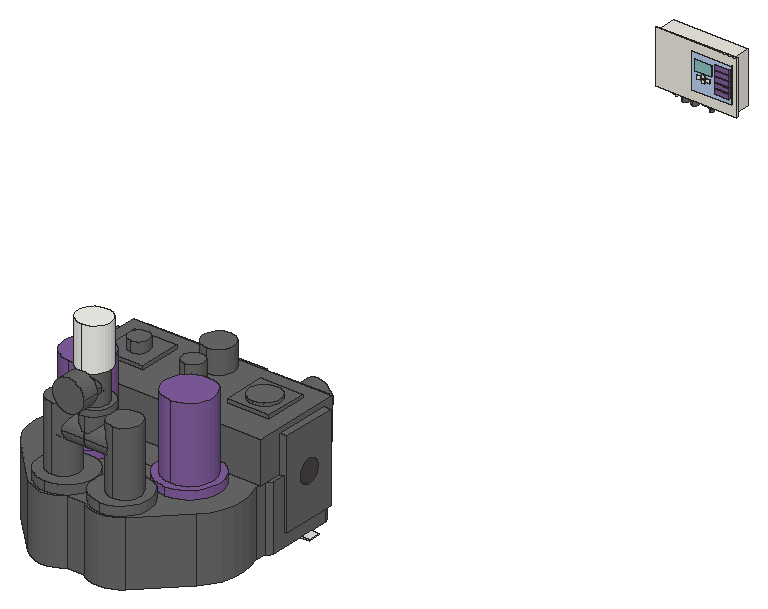
Revit family "11608", category Generic Models, Revit 2021
Family settings
  Can host rebar = No
  Round Connector Dimension = Use Diameter
  Part Type = Normal
  Work Plane-Based = No
  Always vertical = Yes
  Cut with Voids When Loaded = No
  Shared = Yes
  Room Calculation Point = No
Parameters (values of type "11608")
  SUPPLIER = "KESSEL"
  SA700ID50 = "nein"
  SA700ID49 = "Protection Class I"
  SA700ID48 = "no"
  SA700ID47 = "no"
  SA700ID46 = "yes"
  SA700ID37 = 7000 mm
  SA700ID34 = 38
  SA700ID33 = 1.6 W
  SA700ID32 = 67.99 kg
  SA700ID31 = 1
  SA700ID30 = 2
  SA700ID29 = "RWDR"
  SA700ID21 = 700
  SA700ID10 = "No"
  SA700ID08 = 230 V
  PROCUREWEBLINK = "https://p.caden.as/kessel/11608"
  PROCURELINK = "p.caden.as/kessel/11608"
  PROCUREDATALASTUPDATE = "2024-05-22T12:17:38.766808113+01:00"
  PRC_SPECIFICATIONLINK = "https://ausschreiben.de/catalog/kessel/catalogItem/a4b6024f-2839-4dca-a8c5-b62e4bbff1fb"
  NN = "Lifting station Aqualift F"
  NBSYN = "$SA810ID03."
  NB = "11608"
  Model = "11608"
  Manufacturer = "KESSEL"
  MIdent = "{$CADENAS_DATA/23d-libs/kessel/kessel_vdi_import/4/entwaesserung/hebeanlage20aqualift20f.prj},198 {STYP=ASS},{VTYP=3D},{NB=11608},{LINA=11608},{NN=Lifting station Aqualift F},{DATE=21.11.2022 10:45:45},{GEOMDATE=21.11.2022 10:45:45},{VERSION=},{LINEID=180},{WBVAR=LODLEVEL},{WBNUMERIC=LODLEVEL}  {NB=11608},{LINA=11608},{KT=DUMMY},{PREVIEW=../../bilder/ksb_w_11608.png},{SA700ID04=Hebeanlage Aqualift F Duo, Comfort, SPF 1400-S1, Schieber},{SA810ID06=04026092071069},{SA700ID34=38.00},{SA010ID03=201805},{SA810ID03=11608},{SA810ID10=Die Hebeanlage für fäkalienhaltiges und fäkalienfreies Abwasser ist mit zwei überflutbaren Pumpen sowie einem Rückflussverhinderer ausgestattet. Der Sammelbehälter aus dauerhaft beständigem Kunststoff (PE) bietet universale Anschlussmöglichkeiten und hat eine verschraubte Reinigungsöffnung.Die Steuerung erfolgt durch ein anwenderfreundliches Schaltgerät, das optional über einen potentialfreien Kontakt in die Gebäudeleittechnik eingebunden werden oder Alarm- und Sammelstörmeldungen über eine GSM-Schnittstelle (Comfort Schaltgerät) ausgeben kann.Ausführung:Absperreinrichtung: Schieber aus KunststoffAnlagenart: DoppelanlagePumpensteuerung: SchaltgerätRückflussverhinderer: integriertSchalldämmmatte: jaEinbausituation: freie AufstellungAbwasserart: fäkalienhaltigAllgemeine Merkmale:Farbe: schwarzNorm: EN 12050-1Abmessungen:Länge: 773 mmBreite: 780 mmHöhe: 788 mmBehälter/Grundkörper:Zulauf Anzahl: 2 STZulauf Nennweite (DN): 100 mmZulauf Nennweite (DA): 110 mmZulauf max. Anbohrung (DN): 150 mmAbstand Rohrsohle Zulauf zu Behälterboden: 245 mmAbstand Rohrmitte Auslauf zu Behälterboden: 590 mmAbstand Rohrmitte Zulauf zu Behälterboden: 300 mmAnschluss für Handmembranpumpe (DN): 32Behältervolumen: 120 lDruckabgang: waagerechtDruckabgang (DA): 110 mmDruckabgang (DN): 100 mmEntlüftungsanschluss (DN): 70 mmNutzvolumen: 50 lFreier Kugeldurchgang: 40 mmFördereinrichtung:Pumpe: SPF 1400Anzahl Pumpen: 2Förderhöhe max.: 7 mFörderleistung max.: 38 m3/hBetriebsart: S1Leistung P1: 1,6 kWLeistung P2: 1,1 kWDrehzahl: 1.420 U/minFörderguttemperatur (dauerhaft) max.: 40 °CAnschlusstyp: codierter SteckerGewicht: 28 kgLaufrad Typ: FreistromradLänge Netzanschlussleitung Pumpe: 5 mNennstrom: 7,3 ASchutzart Pumpe: IP 68 (3m/48h)Schutzklasse: ITyp Anschlussleitung Pumpe: H07RN-F 3G 1,0 mm2Temperaturüberwachung: integriertSteuerung:Schaltgerät: ComfortBetriebsspannung: 230 VNetzfrequenz: 50 HzSelbstdiagnosesystem (SDS): jaBatteriepufferung: jaMehrzeilige Displayanzeige: jaLogbuchfunktion: jaUSB-Schnittstelle: jaGSM-Schnittstelle: jaPotentialfreier Kontakt: optionalErforderliche Absicherung (Leitungsschutz): C 16 ASchutzart Schaltgerät: IP 54Länge Netzanschlussleitung Schaltgerät: 1,4 mArt Niveauerfassung: pneumatischInstrument Niveauerfassung: Tauchrohr mit DruckwächterAlarmgeber: Tauchrohr},{SA700ID37=7.00},{SA700ID33=1.60},{SA700ID08=230},{SA700ID30=2},{SA700ID32=67.99},{SA700ID49=Schutzklasse I},{SA700ID50=nein},{SA200ID03=6},{SA250ID03=vertikal},{SA260ID03=Trockenläuferpumpe},{SA350ID03=normalansaugend},{SA400ID03=E-Motor für Wechselstrom},{SA460ID03=direkt},{SA500ID03=Kunststoff, Edelstahl},{SA700ID06=100},{SA700ID07=100},{SA700ID09=1/N/PE 230V},{SA700ID10=Nein},{SA700ID11=50},{SA700ID12=IP 68},{SA700ID13=F},{SA700ID15=40},{SA700ID21=700.00},{SA700ID22=1.10},{SA700ID23=1420},{SA700ID24=1420},{SA700ID26=7.30},{SA700ID27=23.00},{SA700ID28=durchgehend},{SA700ID29=RWDR},{SA700ID31=1},{SA700ID46=ja},{SA700ID47=nein},{SA700ID48=nein},{SA110ID04=Hebeanlage Aqualift F},{SA300ID03=einstufig},{SA700ID44=10.00},{SA700ID45=10.00},{SA010ID04=KESSEL AG},{LODLEVEL=200},{LINK=https://www.kessel.de/info?han=11608},{SA970ID01=970},{SA970ID02=7039},{SA970ID03=11608},{SA970ID04=11002617},{SA970ID05=QUAD},{SA970ID06=-409.9898987},{SA970ID07=-686},{SA970ID08=0},{SA970ID09=1},{SA970ID10=0},{SA970ID11=0},{SA970ID12=0},{SA970ID13=1},{SA970ID14=0},{SA970ID15=819.98999},{SA970ID16=851},{SA970ID17=798.98999},{LODLEVEL_=200,'Low'},{LODLEVEL_DEU=200,'Low'},{LINK_=https://www.kessel.de/info?han=11608},{LINK_DEU=https://www.kessel.de/info?han=11608},{LODLEVEL_3DB=11608_200},{DNIN1=100},{DNIN2=70},{DNIN3=10},{DNIN4=10},{DNIN5=10},{DNIN6=50},{DNIN7=50},{DNIN8=50},{DNIN9=50},{DNOUT1=100},{DNOUT2=70},{DNOUT3=32},{ISDIN1=75},{ISDIN2=83.200},{ISDIN3=10},{ISDOUT1=60.000},{ISDOUT2=73.200},{ISDOUT3=75},{SA010ID01=010},{SA010ID02=4},{SA010ID06=www.kessel.de},{SA010ID07=www.kessel.de},{SA010ID12=20180713},{SA010ID13=DEU},{SA010ID14=DE},{SA100ID01=100},{SA100ID02=4},{SA100ID04=Entwässerung},{SA110ID01=110},{SA110ID02=4},{SA200ID01=200},{SA200ID02=6},{SA250ID01=250},{SA250ID02=2},{SA260ID01=260},{SA260ID02=2},{SA300ID01=300},{SA300ID02=1},{SA350ID01=350},{SA350ID02=1},{SA400ID01=400},{SA400ID02=1},{SA460ID01=460},{SA460ID02=1},{SA500ID01=500},{SA500ID02=1},{SA700ID01=700},{SA700ID02=9},{SA700ID10_=0},{SA700ID16=0},{SA700ID25=0},{SA700ID46_=1},{SA700ID47_=0},{SA700ID48_=0},{SA700ID49_=1},{SA700ID50_=0},{SA800ID01=800},{SA800ID02=9},{SA810ID01=810},{SA810ID02=9},{SA810ID04=11608},{SA810ID07=9},{SA810ID09=1},{SA810ID14=PCE},{SA810ID15=1},{SA810ID16=NMP},{SA960ID03=9},{SA960ID04=3L},{SA960ID08=https://www.kessel.de/info?han=11608},{SA010ID08=4026092000007},{SA100ID05=Hebeanlage},{SA110ID06=Hebeanlage}"
  LINK = "https://www.kessel.de/info?han=11608"
  LINA = "11608"
  Default Elevation = 0 mm
  CREATOR = "CADENAS GmbH"
  CATALOG = "KESSEL"
  BOMINFO = "LINA"
  ARTICLENO = "NB"
  4.810.00.9 Order quantity (multiplicator) = "1"
  4.810.00.7 Media- connection number = "9"
  4.810.00.6 GTIN number = "04026092071069"
  4.810.00.4 DATANORM number = "11608"
  4.810.00.3 Producer order number = "11608"
  4.710.03.7 Mass (net) = 67.99 kg
  4.710.03.6 Height = 788 mm
  4.710.03.5 Width = 780 mm
  4.710.03.4 Length = 773 mm
  4.710.03.3 Type of dimensions = "2"
  4.710.02.8 Area of application of wastewater pump = "1"
  4.710.02.6 Duty type = "S1"
  4.710.02.5 Cutting device = "0"
  4.710.02.4 Attached pump control = "1"
  4.710.02.3 Free passage = 40 mm
  4.710.01.6 Option to connect to building automation = "40"
  4.710.01.5 Load regulation = "0"
  4.710.01.4 Designation of closed-loop control = "50"
  4.710.01.3 Identifier for closed-loop control = "120"
  4.700.00.9 Voltage = 0
  4.700.00.8 Nominal connection size on suction side = "100"
  4.700.00.7 Nominal connection size on pressure side = "100"
  4.700.00.6 Type of connection = "100"
  4.700.00.4 Product indentification = "Hebeanlage Aqualift F Duo, Comfort, SPF 1400-S1, Schieber"
  4.700.00.28 Motor pump shaft = "durchgehend"
  4.700.00.27 Starting current = 23
  4.700.00.26 Maximum power consumption per pump / drive = 7.3
  4.700.00.25 Minimum speed at internal speed adjustment = 0
  4.700.00.24 Nominal speed / maximum speed n = 23.6667
  4.700.00.23 Nominal speed of motor = 23.6667
  4.700.00.22 Maximum shaft output (P2) per pump/drive = 1.1 W
  4.700.00.16 Maximum temperature of pumped medium = 0 °C
  4.700.00.15 Increased safety class = "40 °C"
  4.700.00.13 Type of protection = "F"
  4.700.00.12 Frequency = 0
  4.700.00.11 Stern-/Dreieck-Anlaufschaltung bei Dreiphasenanschluss oder Drehstrom = "50 Hz"
  4.700.00.10 Phase = "0"
  4.500.00.3 Variant / Variant type / Accessories-name = "Kunststoff, Edelstahl"
  4.460.00.3 Variant / Variant type / Accessories-name = "direkt"
  4.400.00.3 Variant / Variant type / Accessories-name = "E-Motor für Wechselstrom"
  4.350.00.3 Variant / Variant type / Accessories-name = "normalansaugend"
  4.300.00.3 Variant / Variant type / Accessories-name = "einstufig"
  4.260.00.3 Variant / Variant type / Accessories-name = "Trockenläuferpumpe"
  4.250.00.3 Variant / Variant type / Accessories-name = "vertikal"
  4.200.00.3 Variant / Variant type / Accessories-name = "6"
  4.110.00.6 Product classification = "Hebeanlage"
  4.110.00.4 Product indentification = "Hebeanlage Aqualift F"
  4.100.00.5 Main groups of wares = "Hebeanlage"
  4.100.00.4 Product indentification = "Entwässerung"
  4.010.00.8 Producer ID number = "4026092000007"
  4.010.00.7 Comment = "www.kessel.de"
  4.010.00.6 Web address of the manufacturer = "www.kessel.de"
  4.010.00.4 Manufacturer name = "KESSEL AG"
  4.010.00.3 Date of issuance (month) of guideline = "201805"
  4.010.00.2 Sheet number of the guideline = "4"
  4.010.00.14 Kennungen der Projektländer, für die die Datei gültig ist = "DE"
  4.010.00.13 Sprache der Datei = "DEU"
  4.010.00.12 Stand des Herstellerkatalogs = "20180713"
Reference planes
  plane 1 "Center (Front/Back)": y = 0
  plane 2: z = 0
  plane 3 "Center (Left/Right)": x = 0
Dimensions and locks
  aligned and locked: level to plane 2
Nested families
  nested 1: "11608_content" at (0, 0, 0), type "11608_Content"
  nested 2: "11608_part1_X0Y0" at (1000, 1000, 1200), type "11608_PART1_X0Y0"
  nested 3: "11608_part2_X0Y0" at (0, 0, 0), type "11608_PART2_X0Y0"
Connectors
  electrical at (896, 972.5, 1160.5)
    settings: on nested 2, index 1, voltage 230 V, apparent load 0 VA, apparent load phase1 0 VA, apparent load phase2 0 VA, apparent load phase3 0 VA, power factor 1, load classification "Other", number of poles 3, system type 31, power factor state 1, is connector primary yes, connector utility no, sub classification motor no, connector description ""
  electrical at (930, 972.5, 1157.9)
    settings: on nested 2, index 2, voltage 0 V, apparent load 0 VA, apparent load phase1 0 VA, apparent load phase2 0 VA, apparent load phase3 0 VA, power factor 1, load classification "Other", number of poles 1, system type 31, power factor state 1, is connector primary no, connector utility no, sub classification motor no, connector description ""
  electrical at (964, 972.5, 1157.9)
    settings: on nested 2, index 3, voltage 0 V, apparent load 0 VA, apparent load phase1 0 VA, apparent load phase2 0 VA, apparent load phase3 0 VA, power factor 1, load classification "Other", number of poles 1, system type 31, power factor state 1, is connector primary no, connector utility no, sub classification motor no, connector description ""
  electrical at (1002, 972.5, 1170.2)
    settings: on nested 2, index 4, voltage 0 V, apparent load 0 VA, apparent load phase1 0 VA, apparent load phase2 0 VA, apparent load phase3 0 VA, power factor 1, load classification "Other", number of poles 1, system type 31, power factor state 1, is connector primary no, connector utility no, sub classification motor no, connector description ""
  electrical at (1026, 972.5, 1155.55)
    settings: on nested 2, index 5, voltage 0 V, apparent load 0 VA, apparent load phase1 0 VA, apparent load phase2 0 VA, apparent load phase3 0 VA, power factor 1, load classification "Other", number of poles 1, system type 31, power factor state 1, is connector primary no, connector utility no, sub classification motor no, connector description ""
  electrical at (1054, 972.5, 1198.5)
    settings: on nested 2, index 6, voltage 0 V, apparent load 0 VA, apparent load phase1 0 VA, apparent load phase2 0 VA, apparent load phase3 0 VA, power factor 1, load classification "Other", number of poles 1, system type 31, power factor state 1, is connector primary no, connector utility no, sub classification motor no, connector description ""
  electrical at (1082, 972.5, 1198.5)
    settings: on nested 2, index 7, voltage 0 V, apparent load 0 VA, apparent load phase1 0 VA, apparent load phase2 0 VA, apparent load phase3 0 VA, power factor 1, load classification "Other", number of poles 1, system type 31, power factor state 1, is connector primary no, connector utility no, sub classification motor no, connector description ""
  piping at (230, 164.99, 301), diameter 100
    settings: on nested 3, index 8, connector inside diameter 609.6 mm, connector length 0 mm, flow factor 0, pipe flow 0.0 L/s, pressure drop 0.0 Pa, fitting loss kfactor 0, connector angle 0.00°, fixture units 0, engagement length 0 mm, angle of deflection 0.00°, flow configuration 0, flow direction 1, fitting loss method 2, system type 29, joint type 0, gender type 0, connector reference index -1, connector utility 0, adjustable connector no, is connector primary yes, connector description ""
  piping at (0, 0, 471), diameter 100
    settings: on nested 3, index 9, connector inside diameter 609.6 mm, connector length 0 mm, flow factor 0, pipe flow 0.0 L/s, pressure drop 0.0 Pa, fitting loss kfactor 0, connector angle 0.00°, fixture units 0, engagement length 0 mm, angle of deflection 0.00°, flow configuration 0, flow direction 1, fitting loss method 2, system type 29, joint type 0, gender type 0, connector reference index -1, connector utility 0, adjustable connector no, is connector primary no, connector description ""
  piping at (391.5, -74.999, 214), diameter 70
    settings: on nested 3, index 10, connector inside diameter 609.6 mm, connector length 0 mm, flow factor 0, pipe flow 0.0 L/s, pressure drop 0.0 Pa, fitting loss kfactor 0, connector angle 0.00°, fixture units 0, engagement length 0 mm, angle of deflection 0.00°, flow configuration 0, flow direction 0, fitting loss method 2, system type 29, joint type 0, gender type 0, connector reference index -1, connector utility 0, adjustable connector no, is connector primary no, connector description ""
  piping at (0.999, 96.5, 214), diameter 70
    settings: on nested 3, index 11, connector inside diameter 609.6 mm, connector length 0 mm, flow factor 0, pipe flow 0.0 L/s, pressure drop 0.0 Pa, fitting loss kfactor 0, connector angle 0.00°, fixture units 0, engagement length 0 mm, angle of deflection 0.00°, flow configuration 0, flow direction 0, fitting loss method 2, system type 29, joint type 0, gender type 0, connector reference index -1, connector utility 0, adjustable connector no, is connector primary no, connector description ""
  piping at (-230.25, 91.49, 214), diameter 70
    settings: on nested 3, index 12, connector inside diameter 609.6 mm, connector length 0 mm, flow factor 0, pipe flow 0.0 L/s, pressure drop 0.0 Pa, fitting loss kfactor 0, connector angle 0.00°, fixture units 0, engagement length 0 mm, angle of deflection 0.00°, flow configuration 0, flow direction 0, fitting loss method 2, system type 29, joint type 0, gender type 0, connector reference index -1, connector utility 0, adjustable connector no, is connector primary no, connector description ""
  piping at (-391.5, -75, 214), diameter 70
    settings: on nested 3, index 13, connector inside diameter 609.6 mm, connector length 0 mm, flow factor 0, pipe flow 0.0 L/s, pressure drop 0.0 Pa, fitting loss kfactor 0, connector angle 0.00°, fixture units 0, engagement length 0 mm, angle of deflection 0.00°, flow configuration 0, flow direction 0, fitting loss method 2, system type 29, joint type 0, gender type 0, connector reference index -1, connector utility 0, adjustable connector no, is connector primary no, connector description ""
  piping at (0, -115, 461), diameter 70
    settings: on nested 3, index 14, connector inside diameter 609.6 mm, connector length 0 mm, flow factor 0, pipe flow 0.0 L/s, pressure drop 0.0 Pa, fitting loss kfactor 0, connector angle 0.00°, fixture units 0, engagement length 0 mm, angle of deflection 0.00°, flow configuration 0, flow direction 2, fitting loss method 2, system type 29, joint type 0, gender type 0, connector reference index -1, connector utility 0, adjustable connector no, is connector primary no, connector description ""
  piping at (0, -686, 591), diameter 100
    settings: on nested 3, index 15, connector inside diameter 609.6 mm, connector length 0 mm, flow factor 0, pipe flow 0.0 L/s, pressure drop 0.0 Pa, fitting loss kfactor 0, connector angle 0.00°, fixture units 0, engagement length 0 mm, angle of deflection 0.00°, flow configuration 0, flow direction 2, fitting loss method 2, system type 29, joint type 0, gender type 0, connector reference index -1, connector utility 0, adjustable connector no, is connector primary no, connector description ""
  piping at (230, 164.99, 81.07), diameter 32
    settings: on nested 3, index 16, connector inside diameter 609.6 mm, connector length 0 mm, flow factor 0, pipe flow 0.0 L/s, pressure drop 0.0 Pa, fitting loss kfactor 0, connector angle 0.00°, fixture units 0, engagement length 0 mm, angle of deflection 0.00°, flow configuration 0, flow direction 2, fitting loss method 2, system type 29, joint type 0, gender type 0, connector reference index -1, connector utility 0, adjustable connector no, is connector primary no, connector description ""
  electrical at (185, -365, 537)
    settings: on nested 3, index 17, voltage 0 V, apparent load 0 VA, apparent load phase1 0 VA, apparent load phase2 0 VA, apparent load phase3 0 VA, power factor 1, load classification "Other", number of poles 1, system type 31, power factor state 1, is connector primary no, connector utility no, sub classification motor no, connector description ""
  electrical at (-185, -364.75, 537)
    settings: on nested 3, index 18, voltage 0 V, apparent load 0 VA, apparent load phase1 0 VA, apparent load phase2 0 VA, apparent load phase3 0 VA, power factor 1, load classification "Other", number of poles 1, system type 31, power factor state 1, is connector primary no, connector utility no, sub classification motor no, connector description ""
  electrical at (-230.6, -74.8, 436.49)
    settings: on nested 3, index 19, voltage 0 V, apparent load 0 VA, apparent load phase1 0 VA, apparent load phase2 0 VA, apparent load phase3 0 VA, power factor 1, load classification "Other", number of poles 1, system type 31, power factor state 1, is connector primary no, connector utility no, sub classification motor no, connector description ""
Definition of nested family "11608_part1_X0Y0"
  Parameters (values of type "11608_PART1_X0Y0")
    SUPPLIER = "KESSEL"
    SA700ID50 = "nein"
    SA700ID49 = "Protection Class I"
    SA700ID48 = "no"
    SA700ID47 = "no"
    SA700ID46 = "yes"
    SA700ID37 = 7000 mm
    SA700ID34 = 38
    SA700ID33 = 1.6 W
    SA700ID32 = 67.99 kg
    SA700ID31 = 1
    SA700ID30 = 2
    SA700ID29 = "RWDR"
    SA700ID21 = 700
    SA700ID10 = "No"
    SA700ID08 = 230 V
    NBSYN = "$SA810ID03._PART1"
    NB = "11608_PART1"
    Model = "11608_PART1"
    Manufacturer = "KESSEL"
    MIdent = "{$CADENAS_DATA/23d-libs/kessel/kessel_vdi_import/4/entwaesserung/hebeanlage20aqualift20f.prj},218 {VTYP=3D},{NB=11608_PART1},{LINA=11608_PART1},{NN=Lifting station Aqualift F_PART1},{NOPRJ=TRUE},{DATE=21.11.2022 10:45:45},{GEOMDATE=21.11.2022 10:45:45},{VERSION=},{LINEID=180},{WBVAR=LODLEVEL},{WBNUMERIC=LODLEVEL}  {NB=11608_PART1},{LINA=11608_PART1},{KT=DUMMY},{PREVIEW=../../bilder/ksb_w_11608.png},{SA700ID04=Hebeanlage Aqualift F Duo, Comfort, SPF 1400-S1, Schieber},{SA810ID06=04026092071069},{SA700ID34=38.00},{SA010ID03=201805},{SA810ID03=11608},{SA810ID10=Die Hebeanlage für fäkalienhaltiges und fäkalienfreies Abwasser ist mit zwei überflutbaren Pumpen sowie einem Rückflussverhinderer ausgestattet. Der Sammelbehälter aus dauerhaft beständigem Kunststoff (PE) bietet universale Anschlussmöglichkeiten und hat eine verschraubte Reinigungsöffnung.Die Steuerung erfolgt durch ein anwenderfreundliches Schaltgerät, das optional über einen potentialfreien Kontakt in die Gebäudeleittechnik eingebunden werden oder Alarm- und Sammelstörmeldungen über eine GSM-Schnittstelle (Comfort Schaltgerät) ausgeben kann.Ausführung:Absperreinrichtung: Schieber aus KunststoffAnlagenart: DoppelanlagePumpensteuerung: SchaltgerätRückflussverhinderer: integriertSchalldämmmatte: jaEinbausituation: freie AufstellungAbwasserart: fäkalienhaltigAllgemeine Merkmale:Farbe: schwarzNorm: EN 12050-1Abmessungen:Länge: 773 mmBreite: 780 mmHöhe: 788 mmBehälter/Grundkörper:Zulauf Anzahl: 2 STZulauf Nennweite (DN): 100 mmZulauf Nennweite (DA): 110 mmZulauf max. Anbohrung (DN): 150 mmAbstand Rohrsohle Zulauf zu Behälterboden: 245 mmAbstand Rohrmitte Auslauf zu Behälterboden: 590 mmAbstand Rohrmitte Zulauf zu Behälterboden: 300 mmAnschluss für Handmembranpumpe (DN): 32Behältervolumen: 120 lDruckabgang: waagerechtDruckabgang (DA): 110 mmDruckabgang (DN): 100 mmEntlüftungsanschluss (DN): 70 mmNutzvolumen: 50 lFreier Kugeldurchgang: 40 mmFördereinrichtung:Pumpe: SPF 1400Anzahl Pumpen: 2Förderhöhe max.: 7 mFörderleistung max.: 38 m3/hBetriebsart: S1Leistung P1: 1,6 kWLeistung P2: 1,1 kWDrehzahl: 1.420 U/minFörderguttemperatur (dauerhaft) max.: 40 °CAnschlusstyp: codierter SteckerGewicht: 28 kgLaufrad Typ: FreistromradLänge Netzanschlussleitung Pumpe: 5 mNennstrom: 7,3 ASchutzart Pumpe: IP 68 (3m/48h)Schutzklasse: ITyp Anschlussleitung Pumpe: H07RN-F 3G 1,0 mm2Temperaturüberwachung: integriertSteuerung:Schaltgerät: ComfortBetriebsspannung: 230 VNetzfrequenz: 50 HzSelbstdiagnosesystem (SDS): jaBatteriepufferung: jaMehrzeilige Displayanzeige: jaLogbuchfunktion: jaUSB-Schnittstelle: jaGSM-Schnittstelle: jaPotentialfreier Kontakt: optionalErforderliche Absicherung (Leitungsschutz): C 16 ASchutzart Schaltgerät: IP 54Länge Netzanschlussleitung Schaltgerät: 1,4 mArt Niveauerfassung: pneumatischInstrument Niveauerfassung: Tauchrohr mit DruckwächterAlarmgeber: Tauchrohr},{SA700ID37=7.00},{SA700ID33=1.60},{SA700ID08=230},{SA700ID30=2},{SA700ID32=67.99},{SA700ID49=Schutzklasse I},{SA700ID50=nein},{SA200ID03=6},{SA250ID03=vertikal},{SA260ID03=Trockenläuferpumpe},{SA350ID03=normalansaugend},{SA400ID03=E-Motor für Wechselstrom},{SA460ID03=direkt},{SA500ID03=Kunststoff, Edelstahl},{SA700ID06=100},{SA700ID07=100},{SA700ID09=1/N/PE 230V},{SA700ID10=Nein},{SA700ID11=50},{SA700ID12=IP 68},{SA700ID13=F},{SA700ID15=40},{SA700ID21=700.00},{SA700ID22=1.10},{SA700ID23=1420},{SA700ID24=1420},{SA700ID26=7.30},{SA700ID27=23.00},{SA700ID28=durchgehend},{SA700ID29=RWDR},{SA700ID31=1},{SA700ID46=ja},{SA700ID47=nein},{SA700ID48=nein},{SA110ID04=Hebeanlage Aqualift F},{SA300ID03=einstufig},{SA700ID44=10.00},{SA700ID45=10.00},{SA010ID04=KESSEL AG},{LODLEVEL=200},{LINK=https://www.kessel.de/info?han=11608},{SA970ID01=970},{SA970ID02=7039},{SA970ID03=11608},{SA970ID04=11002617},{SA970ID05=QUAD},{SA970ID06=-409.9898987},{SA970ID07=-686},{SA970ID08=0},{SA970ID09=1},{SA970ID10=0},{SA970ID11=0},{SA970ID12=0},{SA970ID13=1},{SA970ID14=0},{SA970ID15=819.98999},{SA970ID16=851},{SA970ID17=798.98999},{LODLEVEL_=200,'Low'},{LODLEVEL_DEU=200,'Low'},{LINK_=https://www.kessel.de/info?han=11608},{LINK_DEU=https://www.kessel.de/info?han=11608},{LODLEVEL_3DB=11608_200},{DNIN1=100},{DNIN2=70},{DNIN3=10},{DNIN4=10},{DNIN5=10},{DNIN6=50},{DNIN7=50},{DNIN8=50},{DNIN9=50},{DNOUT1=100},{DNOUT2=70},{DNOUT3=32},{ISDIN1=75},{ISDIN2=83.200},{ISDIN3=10},{ISDOUT1=60.000},{ISDOUT2=73.200},{ISDOUT3=75},{SA010ID01=010},{SA010ID02=4},{SA010ID06=www.kessel.de},{SA010ID07=www.kessel.de},{SA010ID12=20180713},{SA010ID13=DEU},{SA010ID14=DE},{SA100ID01=100},{SA100ID02=4},{SA100ID04=Entwässerung},{SA110ID01=110},{SA110ID02=4},{SA200ID01=200},{SA200ID02=6},{SA250ID01=250},{SA250ID02=2},{SA260ID01=260},{SA260ID02=2},{SA300ID01=300},{SA300ID02=1},{SA350ID01=350},{SA350ID02=1},{SA400ID01=400},{SA400ID02=1},{SA460ID01=460},{SA460ID02=1},{SA500ID01=500},{SA500ID02=1},{SA700ID01=700},{SA700ID02=9},{SA700ID10_=0},{SA700ID16=0},{SA700ID25=0},{SA700ID46_=1},{SA700ID47_=0},{SA700ID48_=0},{SA700ID49_=1},{SA700ID50_=0},{SA800ID01=800},{SA800ID02=9},{SA810ID01=810},{SA810ID02=9},{SA810ID04=11608},{SA810ID07=9},{SA810ID09=1},{SA810ID14=PCE},{SA810ID15=1},{SA810ID16=NMP},{SA960ID03=9},{SA960ID04=3L},{SA960ID08=https://www.kessel.de/info?han=11608},{SA010ID08=4026092000007},{SA100ID05=Hebeanlage},{SA110ID06=Hebeanlage}"
    LINK = "https://www.kessel.de/info?han=11608"
    LINA = "11608_PART1"
    Default Elevation = 1219.2 mm
    CREATOR = "CADENAS GmbH"
    CATALOG = "KESSEL"
    BOMINFO = "LINA"
    ARTICLENO = "NB"
    4.810.00.9 Order quantity (multiplicator) = "1"
    4.810.00.7 Media- connection number = "9"
    4.810.00.6 GTIN number = "04026092071069"
    4.810.00.4 DATANORM number = "11608"
    4.810.00.3 Producer order number = "11608"
    4.710.03.7 Mass (net) = 67.99 kg
    4.710.03.6 Height = 788 mm
    4.710.03.5 Width = 780 mm
    4.710.03.4 Length = 773 mm
    4.710.03.3 Type of dimensions = "2"
    4.710.02.8 Area of application of wastewater pump = "1"
    4.710.02.6 Duty type = "S1"
    4.710.02.5 Cutting device = "0"
    4.710.02.4 Attached pump control = "1"
    4.710.02.3 Free passage = 40 mm
    4.710.01.6 Option to connect to building automation = "40"
    4.710.01.5 Load regulation = "0"
    4.710.01.4 Designation of closed-loop control = "50"
    4.710.01.3 Identifier for closed-loop control = "120"
    4.700.00.9 Voltage = 0
    4.700.00.8 Nominal connection size on suction side = "100"
    4.700.00.7 Nominal connection size on pressure side = "100"
    4.700.00.6 Type of connection = "100"
    4.700.00.4 Product indentification = "Hebeanlage Aqualift F Duo, Comfort, SPF 1400-S1, Schieber"
    4.700.00.28 Motor pump shaft = "durchgehend"
    4.700.00.27 Starting current = 23
    4.700.00.26 Maximum power consumption per pump / drive = 7.3
    4.700.00.25 Minimum speed at internal speed adjustment = 0
    4.700.00.24 Nominal speed / maximum speed n = 23.6667
    4.700.00.23 Nominal speed of motor = 23.6667
    4.700.00.22 Maximum shaft output (P2) per pump/drive = 1.1 W
    4.700.00.16 Maximum temperature of pumped medium = 0 °C
    4.700.00.15 Increased safety class = "40 °C"
    4.700.00.13 Type of protection = "F"
    4.700.00.12 Frequency = 0
    4.700.00.11 Stern-/Dreieck-Anlaufschaltung bei Dreiphasenanschluss oder Drehstrom = "50 Hz"
    4.700.00.10 Phase = "0"
    4.500.00.3 Variant / Variant type / Accessories-name = "Kunststoff, Edelstahl"
    4.460.00.3 Variant / Variant type / Accessories-name = "direkt"
    4.400.00.3 Variant / Variant type / Accessories-name = "E-Motor für Wechselstrom"
    4.350.00.3 Variant / Variant type / Accessories-name = "normalansaugend"
    4.300.00.3 Variant / Variant type / Accessories-name = "einstufig"
    4.260.00.3 Variant / Variant type / Accessories-name = "Trockenläuferpumpe"
    4.250.00.3 Variant / Variant type / Accessories-name = "vertikal"
    4.200.00.3 Variant / Variant type / Accessories-name = "6"
    4.110.00.6 Product classification = "Hebeanlage"
    4.110.00.4 Product indentification = "Hebeanlage Aqualift F"
    4.100.00.5 Main groups of wares = "Hebeanlage"
    4.100.00.4 Product indentification = "Entwässerung"
    4.010.00.8 Producer ID number = "4026092000007"
    4.010.00.7 Comment = "www.kessel.de"
    4.010.00.6 Web address of the manufacturer = "www.kessel.de"
    4.010.00.4 Manufacturer name = "KESSEL AG"
    4.010.00.3 Date of issuance (month) of guideline = "201805"
    4.010.00.2 Sheet number of the guideline = "4"
    4.010.00.14 Kennungen der Projektländer, für die die Datei gültig ist = "DE"
    4.010.00.13 Sprache der Datei = "DEU"
    4.010.00.12 Stand des Herstellerkatalogs = "20180713"
  Reference planes
    plane 1 "Center (Front/Back)": y = 0
    plane 2: z = 0
    plane 3 "Center (Left/Right)": x = 0
  Dimensions and locks
    aligned and locked: level to plane 2
  Nested families
    nested 1: "11608_part1_content" at (0, 0, 0), type "11608_PART1_Content"
  Definition of nested family "11608_part1_content"
    Parameters (values of type "11608_PART1_Content")
      SUPPLIER = "KESSEL"
      SA700ID50 = "nein"
      SA700ID49 = "Protection Class I"
      SA700ID48 = "no"
      SA700ID47 = "no"
      SA700ID46 = "yes"
      SA700ID37 = 7000 mm
      SA700ID34 = 38
      SA700ID33 = 1.6 W
      SA700ID32 = 67.99 kg
      SA700ID31 = 1
      SA700ID30 = 2
      SA700ID29 = "RWDR"
      SA700ID21 = 700
      SA700ID10 = "No"
      SA700ID08 = 230 V
      NBSYN = "$SA810ID03._PART1"
      NB = "11608_PART1"
      Model = "11608_PART1"
      Manufacturer = "KESSEL"
      LINK = "https://www.kessel.de/info?han=11608"
      LINA = "11608_PART1"
      Default Elevation = 1219.2 mm
      CREATOR = "CADENAS GmbH"
      CATALOG = "KESSEL"
      BOMINFO = "LINA"
      ARTICLENO = "NB"
      4.810.00.9 Order quantity (multiplicator) = "1"
      4.810.00.7 Media- connection number = "9"
      4.810.00.6 GTIN number = "04026092071069"
      4.810.00.4 DATANORM number = "11608"
      4.810.00.3 Producer order number = "11608"
      4.710.03.7 Mass (net) = 67.99 kg
      4.710.03.6 Height = 788 mm
      4.710.03.5 Width = 780 mm
      4.710.03.4 Length = 773 mm
      4.710.03.3 Type of dimensions = "2"
      4.710.02.8 Area of application of wastewater pump = "1"
      4.710.02.6 Duty type = "S1"
      4.710.02.5 Cutting device = "0"
      4.710.02.4 Attached pump control = "1"
      4.710.02.3 Free passage = 40 mm
      4.710.01.6 Option to connect to building automation = "40"
      4.710.01.5 Load regulation = "0"
      4.710.01.4 Designation of closed-loop control = "50"
      4.710.01.3 Identifier for closed-loop control = "120"
      4.700.00.9 Voltage = 0
      4.700.00.8 Nominal connection size on suction side = "100"
      4.700.00.7 Nominal connection size on pressure side = "100"
      4.700.00.6 Type of connection = "100"
      4.700.00.4 Product indentification = "Hebeanlage Aqualift F Duo, Comfort, SPF 1400-S1, Schieber"
      4.700.00.28 Motor pump shaft = "durchgehend"
      4.700.00.27 Starting current = 23
      4.700.00.26 Maximum power consumption per pump / drive = 7.3
      4.700.00.25 Minimum speed at internal speed adjustment = 0
      4.700.00.24 Nominal speed / maximum speed n = 23.6667
      4.700.00.23 Nominal speed of motor = 23.6667
      4.700.00.22 Maximum shaft output (P2) per pump/drive = 1.1 W
      4.700.00.16 Maximum temperature of pumped medium = 0 °C
      4.700.00.15 Increased safety class = "40 °C"
      4.700.00.13 Type of protection = "F"
      4.700.00.12 Frequency = 0
      4.700.00.11 Stern-/Dreieck-Anlaufschaltung bei Dreiphasenanschluss oder Drehstrom = "50 Hz"
      4.700.00.10 Phase = "0"
      4.500.00.3 Variant / Variant type / Accessories-name = "Kunststoff, Edelstahl"
      4.460.00.3 Variant / Variant type / Accessories-name = "direkt"
      4.400.00.3 Variant / Variant type / Accessories-name = "E-Motor für Wechselstrom"
      4.350.00.3 Variant / Variant type / Accessories-name = "normalansaugend"
      4.300.00.3 Variant / Variant type / Accessories-name = "einstufig"
      4.260.00.3 Variant / Variant type / Accessories-name = "Trockenläuferpumpe"
      4.250.00.3 Variant / Variant type / Accessories-name = "vertikal"
      4.200.00.3 Variant / Variant type / Accessories-name = "6"
      4.110.00.6 Product classification = "Hebeanlage"
      4.110.00.4 Product indentification = "Hebeanlage Aqualift F"
      4.100.00.5 Main groups of wares = "Hebeanlage"
      4.100.00.4 Product indentification = "Entwässerung"
      4.010.00.8 Producer ID number = "4026092000007"
      4.010.00.7 Comment = "www.kessel.de"
      4.010.00.6 Web address of the manufacturer = "www.kessel.de"
      4.010.00.4 Manufacturer name = "KESSEL AG"
      4.010.00.3 Date of issuance (month) of guideline = "201805"
      4.010.00.2 Sheet number of the guideline = "4"
      4.010.00.14 Kennungen der Projektländer, für die die Datei gültig ist = "DE"
      4.010.00.13 Sprache der Datei = "DEU"
      4.010.00.12 Stand des Herstellerkatalogs = "20180713"
    Reference planes
      plane 1 "Center (Front/Back)": y = 0
      plane 2: z = 0
      plane 3 "Center (Left/Right)": x = 0
    Forms (mm)
      Extrusion 1, solid, detail levels medium+fine
        sketch origin (49.8, -68, 72.1) x (0, -1, 0) y (0, 0, 1)
          loop
            line (-0.5, 12) -> (-0.5, 0) -> (1, 0) -> (1, 12) -> (-0.5, 12)
        from 0 to 12
      Extrusion 2, solid, detail levels medium+fine
        sketch origin (129.3, -67, 28.2) x (0, -1, 0) y (0, 0, 1)
          loop
            line (-0.5, 127) -> (-0.5, 0) -> (1, 0) -> (1, 127) -> (-0.5, 127)
        from 0 to 146
      Extrusion 3, solid, detail levels medium+fine
        sketch origin (33.3, -68, 80.45) x (0, -1, 0) y (0, 0, 1)
          loop
            line (-0.5, 12) -> (-0.5, 0) -> (1, 0) -> (1, 12) -> (-0.5, 12)
        from 0 to 12
      Extrusion 4, solid, detail levels medium+fine
        sketch origin (33.3, -68, 63.95) x (0, -1, 0) y (0, 0, 1)
          loop
            line (-0.5, 12) -> (-0.5, 0) -> (1, 0) -> (1, 12) -> (-0.5, 12)
        from 0 to 12
      Extrusion 5, solid, detail levels medium+fine
        sketch origin (56.3, -68, 95.45) x (0, -1, 0) y (0, 0, 1)
          loop
            line (-0.5, 37) -> (-0.5, 0) -> (1, 0) -> (1, 37) -> (-0.5, 37)
        from 0 to 60
      Extrusion 6, solid, detail levels medium+fine
        sketch origin (121.8, -68, 85.7) x (0, -1, 0) y (0, 0, 1)
          loop
            line (0, 16) -> (0, 0) -> (2, 0) -> (2, 16) -> (0, 16)
        from 0 to 51
      Extrusion 7, solid, detail levels medium+fine
        sketch origin (121.8, -68, 65.7) x (0, -1, 0) y (0, 0, 1)
          loop
            line (0, 16) -> (0, 0) -> (2, 0) -> (2, 16) -> (0, 16)
        from 0 to 51
      Extrusion 8, solid, detail levels medium+fine
        sketch origin (121.8, -68, 105.7) x (0, -1, 0) y (0, 0, 1)
          loop
            line (0, 16) -> (0, 0) -> (2, 0) -> (2, 16) -> (0, 16)
        from 0 to 51
      Extrusion 9, solid, detail levels medium+fine
        sketch origin (16.8, -68, 72.2) x (0, -1, 0) y (0, 0, 1)
          loop
            line (-0.5, 12) -> (-0.5, 0) -> (1, 0) -> (1, 12) -> (-0.5, 12)
        from 0 to 12
      Extrusion 10, solid, detail levels medium+fine
        sketch origin (121.8, -68, 45.7) x (0, -1, 0) y (0, 0, 1)
          loop
            line (0, 16) -> (0, 0) -> (2, 0) -> (2, 16) -> (0, 16)
        from 0 to 51
      Extrusion 11, solid, detail levels medium+fine
        sketch origin (147, -63.5, -7) x (0, -1, 0) y (0, 0, 1)
          loop
            line (0, 194) -> (0, 0) -> (3.5, 0) -> (3.5, 194) -> (0, 194)
        from 0 to 294
      Extrusion 12, solid, detail levels medium+fine
        sketch origin (136.25, 0, 0) x (0, -1, 0) y (0, 0, 1)
          loop
            line (0, 184) -> (0, 0) -> (63.5, 0) -> (63.5, 184) -> (0, 184)
        from 0 to 272.5
      Extrusion 13, solid, detail levels medium+fine
        sketch origin (121.75, -68, 125.75) x (0, -1, 0) y (0, 0, 1)
          loop
            line (0, 16) -> (0, 0) -> (2, 0) -> (2, 16) -> (0, 16)
        from 0 to 51
      Extrusion 14, solid, detail levels medium+fine
        sketch origin (26, -27.5, 0) x (1, 0, 0) y (0, -1, 0)
          loop
            circle (0, 0) r 11
        from 0 to 11
      Extrusion 15, solid, detail levels medium+fine
        sketch origin (26, -27.5, -11) x (1, 0, 0) y (0, -1, 0)
          loop
            circle (0, 0) r 11
        from 0 to 19.8
      Extrusion 16, solid, detail levels medium+fine
        sketch origin (26, -27.5, -30.7) x (1, 0, 0) y (0, -1, 0)
          loop
            circle (0, 0) r 6
        from 0 to 13.75
      Extrusion 17, solid, detail levels medium+fine
        sketch origin (2, -27.5, 0) x (1, 0, 0) y (0, -1, 0)
          loop
            circle (0, 0) r 11
        from 0 to 20
      Extrusion 18, solid, detail levels medium+fine
        sketch origin (2, -27.5, -20) x (1, 0, 0) y (0, -1, 0)
          loop
            circle (0, 0) r 8.65
        from 0 to 9.8
      Extrusion 19, solid, detail levels medium+fine
        sketch origin (-36, -27.5, 0) x (1, 0, 0) y (0, -1, 0)
          loop
            circle (0, 0) r 12
        from 0 to 15
      Extrusion 20, solid, detail levels medium+fine
        sketch origin (-36, -27.5, -15) x (1, 0, 0) y (0, -1, 0)
          loop
            circle (0, 0) r 11.75
        from 0 to 27.1
      Extrusion 21, solid, detail levels medium+fine
        sketch origin (54, -27.5, 0) x (1, 0, 0) y (0, -1, 0)
          loop
            circle (0, 0) r 10
        from 0 to 1.5
      Extrusion 22, solid, detail levels medium+fine
        sketch origin (-70, -27.5, 0) x (1, 0, 0) y (0, -1, 0)
          loop
            circle (0, 0) r 12
        from 0 to 15
      Extrusion 23, solid, detail levels medium+fine
        sketch origin (-70, -27.5, -15) x (1, 0, 0) y (0, -1, 0)
          loop
            circle (0, 0) r 11.75
        from 0 to 27.1
      Extrusion 24, solid, detail levels medium+fine
        sketch origin (82, -27.5, 0) x (1, 0, 0) y (0, -1, 0)
          loop
            circle (0, 0) r 10
        from 0 to 1.5
      Extrusion 25, solid, detail levels medium+fine
        sketch origin (-104, -27.5, 0) x (1, 0, 0) y (0, -1, 0)
          loop
            circle (0, 0) r 10
        from 0 to 9
      Extrusion 26, solid, detail levels medium+fine
        sketch origin (-104, -27.5, -9) x (1, 0, 0) y (0, -1, 0)
          loop
            circle (0, 0) r 11
        from 0 to 20.5
      Extrusion 27, solid, detail levels medium+fine
        sketch origin (-104, -27.5, -29.5) x (1, 0, 0) y (0, -1, 0)
          loop
            circle (0, 0) r 3
        from 0 to 10
      Extrusion 28, solid, detail levels medium+fine
        sketch origin (110, -27.5, 0) x (1, 0, 0) y (0, -1, 0)
          loop
            circle (0, 0) r 13.5
        from 0 to 1.5
      Extrusion 29, solid, detail levels coarse
        sketch origin (0, -35, -44.45) x (1, 0, 0) y (0, 1, 0)
          loop
            line (-147, -35) -> (147, -35) -> (147, 35) -> (-147, 35) -> (-147, -35)
        from 0 to 231.45
    Dimensions and locks
      aligned and locked: level to plane 2
Definition of nested family "11608_part2_X0Y0"
  Parameters (values of type "11608_PART2_X0Y0")
    SUPPLIER = "KESSEL"
    SA700ID50 = "nein"
    SA700ID49 = "Protection Class I"
    SA700ID48 = "no"
    SA700ID47 = "no"
    SA700ID46 = "yes"
    SA700ID37 = 7000 mm
    SA700ID34 = 38
    SA700ID33 = 1.6 W
    SA700ID32 = 67.99 kg
    SA700ID31 = 1
    SA700ID30 = 2
    SA700ID29 = "RWDR"
    SA700ID21 = 700
    SA700ID10 = "No"
    SA700ID08 = 230 V
    NBSYN = "$SA810ID03._PART2"
    NB = "11608_PART2"
    Model = "11608_PART2"
    Manufacturer = "KESSEL"
    MIdent = "{$CADENAS_DATA/23d-libs/kessel/kessel_vdi_import/4/entwaesserung/hebeanlage20aqualift20f.prj},218 {VTYP=3D},{NB=11608_PART2},{LINA=11608_PART2},{NN=Lifting station Aqualift F_PART2},{NOPRJ=TRUE},{DATE=21.11.2022 10:45:45},{GEOMDATE=21.11.2022 10:45:45},{VERSION=},{LINEID=180},{WBVAR=LODLEVEL},{WBNUMERIC=LODLEVEL}  {NB=11608_PART2},{LINA=11608_PART2},{KT=DUMMY},{PREVIEW=../../bilder/ksb_w_11608.png},{SA700ID04=Hebeanlage Aqualift F Duo, Comfort, SPF 1400-S1, Schieber},{SA810ID06=04026092071069},{SA700ID34=38.00},{SA010ID03=201805},{SA810ID03=11608},{SA810ID10=Die Hebeanlage für fäkalienhaltiges und fäkalienfreies Abwasser ist mit zwei überflutbaren Pumpen sowie einem Rückflussverhinderer ausgestattet. Der Sammelbehälter aus dauerhaft beständigem Kunststoff (PE) bietet universale Anschlussmöglichkeiten und hat eine verschraubte Reinigungsöffnung.Die Steuerung erfolgt durch ein anwenderfreundliches Schaltgerät, das optional über einen potentialfreien Kontakt in die Gebäudeleittechnik eingebunden werden oder Alarm- und Sammelstörmeldungen über eine GSM-Schnittstelle (Comfort Schaltgerät) ausgeben kann.Ausführung:Absperreinrichtung: Schieber aus KunststoffAnlagenart: DoppelanlagePumpensteuerung: SchaltgerätRückflussverhinderer: integriertSchalldämmmatte: jaEinbausituation: freie AufstellungAbwasserart: fäkalienhaltigAllgemeine Merkmale:Farbe: schwarzNorm: EN 12050-1Abmessungen:Länge: 773 mmBreite: 780 mmHöhe: 788 mmBehälter/Grundkörper:Zulauf Anzahl: 2 STZulauf Nennweite (DN): 100 mmZulauf Nennweite (DA): 110 mmZulauf max. Anbohrung (DN): 150 mmAbstand Rohrsohle Zulauf zu Behälterboden: 245 mmAbstand Rohrmitte Auslauf zu Behälterboden: 590 mmAbstand Rohrmitte Zulauf zu Behälterboden: 300 mmAnschluss für Handmembranpumpe (DN): 32Behältervolumen: 120 lDruckabgang: waagerechtDruckabgang (DA): 110 mmDruckabgang (DN): 100 mmEntlüftungsanschluss (DN): 70 mmNutzvolumen: 50 lFreier Kugeldurchgang: 40 mmFördereinrichtung:Pumpe: SPF 1400Anzahl Pumpen: 2Förderhöhe max.: 7 mFörderleistung max.: 38 m3/hBetriebsart: S1Leistung P1: 1,6 kWLeistung P2: 1,1 kWDrehzahl: 1.420 U/minFörderguttemperatur (dauerhaft) max.: 40 °CAnschlusstyp: codierter SteckerGewicht: 28 kgLaufrad Typ: FreistromradLänge Netzanschlussleitung Pumpe: 5 mNennstrom: 7,3 ASchutzart Pumpe: IP 68 (3m/48h)Schutzklasse: ITyp Anschlussleitung Pumpe: H07RN-F 3G 1,0 mm2Temperaturüberwachung: integriertSteuerung:Schaltgerät: ComfortBetriebsspannung: 230 VNetzfrequenz: 50 HzSelbstdiagnosesystem (SDS): jaBatteriepufferung: jaMehrzeilige Displayanzeige: jaLogbuchfunktion: jaUSB-Schnittstelle: jaGSM-Schnittstelle: jaPotentialfreier Kontakt: optionalErforderliche Absicherung (Leitungsschutz): C 16 ASchutzart Schaltgerät: IP 54Länge Netzanschlussleitung Schaltgerät: 1,4 mArt Niveauerfassung: pneumatischInstrument Niveauerfassung: Tauchrohr mit DruckwächterAlarmgeber: Tauchrohr},{SA700ID37=7.00},{SA700ID33=1.60},{SA700ID08=230},{SA700ID30=2},{SA700ID32=67.99},{SA700ID49=Schutzklasse I},{SA700ID50=nein},{SA200ID03=6},{SA250ID03=vertikal},{SA260ID03=Trockenläuferpumpe},{SA350ID03=normalansaugend},{SA400ID03=E-Motor für Wechselstrom},{SA460ID03=direkt},{SA500ID03=Kunststoff, Edelstahl},{SA700ID06=100},{SA700ID07=100},{SA700ID09=1/N/PE 230V},{SA700ID10=Nein},{SA700ID11=50},{SA700ID12=IP 68},{SA700ID13=F},{SA700ID15=40},{SA700ID21=700.00},{SA700ID22=1.10},{SA700ID23=1420},{SA700ID24=1420},{SA700ID26=7.30},{SA700ID27=23.00},{SA700ID28=durchgehend},{SA700ID29=RWDR},{SA700ID31=1},{SA700ID46=ja},{SA700ID47=nein},{SA700ID48=nein},{SA110ID04=Hebeanlage Aqualift F},{SA300ID03=einstufig},{SA700ID44=10.00},{SA700ID45=10.00},{SA010ID04=KESSEL AG},{LODLEVEL=200},{LINK=https://www.kessel.de/info?han=11608},{SA970ID01=970},{SA970ID02=7039},{SA970ID03=11608},{SA970ID04=11002617},{SA970ID05=QUAD},{SA970ID06=-409.9898987},{SA970ID07=-686},{SA970ID08=0},{SA970ID09=1},{SA970ID10=0},{SA970ID11=0},{SA970ID12=0},{SA970ID13=1},{SA970ID14=0},{SA970ID15=819.98999},{SA970ID16=851},{SA970ID17=798.98999},{LODLEVEL_=200,'Low'},{LODLEVEL_DEU=200,'Low'},{LINK_=https://www.kessel.de/info?han=11608},{LINK_DEU=https://www.kessel.de/info?han=11608},{LODLEVEL_3DB=11608_200},{DNIN1=100},{DNIN2=70},{DNIN3=10},{DNIN4=10},{DNIN5=10},{DNIN6=50},{DNIN7=50},{DNIN8=50},{DNIN9=50},{DNOUT1=100},{DNOUT2=70},{DNOUT3=32},{ISDIN1=75},{ISDIN2=83.200},{ISDIN3=10},{ISDOUT1=60.000},{ISDOUT2=73.200},{ISDOUT3=75},{SA010ID01=010},{SA010ID02=4},{SA010ID06=www.kessel.de},{SA010ID07=www.kessel.de},{SA010ID12=20180713},{SA010ID13=DEU},{SA010ID14=DE},{SA100ID01=100},{SA100ID02=4},{SA100ID04=Entwässerung},{SA110ID01=110},{SA110ID02=4},{SA200ID01=200},{SA200ID02=6},{SA250ID01=250},{SA250ID02=2},{SA260ID01=260},{SA260ID02=2},{SA300ID01=300},{SA300ID02=1},{SA350ID01=350},{SA350ID02=1},{SA400ID01=400},{SA400ID02=1},{SA460ID01=460},{SA460ID02=1},{SA500ID01=500},{SA500ID02=1},{SA700ID01=700},{SA700ID02=9},{SA700ID10_=0},{SA700ID16=0},{SA700ID25=0},{SA700ID46_=1},{SA700ID47_=0},{SA700ID48_=0},{SA700ID49_=1},{SA700ID50_=0},{SA800ID01=800},{SA800ID02=9},{SA810ID01=810},{SA810ID02=9},{SA810ID04=11608},{SA810ID07=9},{SA810ID09=1},{SA810ID14=PCE},{SA810ID15=1},{SA810ID16=NMP},{SA960ID03=9},{SA960ID04=3L},{SA960ID08=https://www.kessel.de/info?han=11608},{SA010ID08=4026092000007},{SA100ID05=Hebeanlage},{SA110ID06=Hebeanlage}"
    LINK = "https://www.kessel.de/info?han=11608"
    LINA = "11608_PART2"
    Default Elevation = 1219.2 mm
    CREATOR = "CADENAS GmbH"
    CATALOG = "KESSEL"
    BOMINFO = "LINA"
    ARTICLENO = "NB"
    4.810.00.9 Order quantity (multiplicator) = "1"
    4.810.00.7 Media- connection number = "9"
    4.810.00.6 GTIN number = "04026092071069"
    4.810.00.4 DATANORM number = "11608"
    4.810.00.3 Producer order number = "11608"
    4.710.03.7 Mass (net) = 67.99 kg
    4.710.03.6 Height = 788 mm
    4.710.03.5 Width = 780 mm
    4.710.03.4 Length = 773 mm
    4.710.03.3 Type of dimensions = "2"
    4.710.02.8 Area of application of wastewater pump = "1"
    4.710.02.6 Duty type = "S1"
    4.710.02.5 Cutting device = "0"
    4.710.02.4 Attached pump control = "1"
    4.710.02.3 Free passage = 40 mm
    4.710.01.6 Option to connect to building automation = "40"
    4.710.01.5 Load regulation = "0"
    4.710.01.4 Designation of closed-loop control = "50"
    4.710.01.3 Identifier for closed-loop control = "120"
    4.700.00.9 Voltage = 0
    4.700.00.8 Nominal connection size on suction side = "100"
    4.700.00.7 Nominal connection size on pressure side = "100"
    4.700.00.6 Type of connection = "100"
    4.700.00.4 Product indentification = "Hebeanlage Aqualift F Duo, Comfort, SPF 1400-S1, Schieber"
    4.700.00.28 Motor pump shaft = "durchgehend"
    4.700.00.27 Starting current = 23
    4.700.00.26 Maximum power consumption per pump / drive = 7.3
    4.700.00.25 Minimum speed at internal speed adjustment = 0
    4.700.00.24 Nominal speed / maximum speed n = 23.6667
    4.700.00.23 Nominal speed of motor = 23.6667
    4.700.00.22 Maximum shaft output (P2) per pump/drive = 1.1 W
    4.700.00.16 Maximum temperature of pumped medium = 0 °C
    4.700.00.15 Increased safety class = "40 °C"
    4.700.00.13 Type of protection = "F"
    4.700.00.12 Frequency = 0
    4.700.00.11 Stern-/Dreieck-Anlaufschaltung bei Dreiphasenanschluss oder Drehstrom = "50 Hz"
    4.700.00.10 Phase = "0"
    4.500.00.3 Variant / Variant type / Accessories-name = "Kunststoff, Edelstahl"
    4.460.00.3 Variant / Variant type / Accessories-name = "direkt"
    4.400.00.3 Variant / Variant type / Accessories-name = "E-Motor für Wechselstrom"
    4.350.00.3 Variant / Variant type / Accessories-name = "normalansaugend"
    4.300.00.3 Variant / Variant type / Accessories-name = "einstufig"
    4.260.00.3 Variant / Variant type / Accessories-name = "Trockenläuferpumpe"
    4.250.00.3 Variant / Variant type / Accessories-name = "vertikal"
    4.200.00.3 Variant / Variant type / Accessories-name = "6"
    4.110.00.6 Product classification = "Hebeanlage"
    4.110.00.4 Product indentification = "Hebeanlage Aqualift F"
    4.100.00.5 Main groups of wares = "Hebeanlage"
    4.100.00.4 Product indentification = "Entwässerung"
    4.010.00.8 Producer ID number = "4026092000007"
    4.010.00.7 Comment = "www.kessel.de"
    4.010.00.6 Web address of the manufacturer = "www.kessel.de"
    4.010.00.4 Manufacturer name = "KESSEL AG"
    4.010.00.3 Date of issuance (month) of guideline = "201805"
    4.010.00.2 Sheet number of the guideline = "4"
    4.010.00.14 Kennungen der Projektländer, für die die Datei gültig ist = "DE"
    4.010.00.13 Sprache der Datei = "DEU"
    4.010.00.12 Stand des Herstellerkatalogs = "20180713"
  Reference planes
    plane 1 "Center (Front/Back)": y = 0
    plane 2: z = 0
    plane 3 "Center (Left/Right)": x = 0
  Dimensions and locks
    aligned and locked: level to plane 2
  Nested families
    nested 1: "11608_part2_content" at (0, 0, 0), type "11608_PART2_Content"
  Definition of nested family "11608_part2_content"
    Parameters (values of type "11608_PART2_Content")
      SUPPLIER = "KESSEL"
      SA700ID50 = "nein"
      SA700ID49 = "Protection Class I"
      SA700ID48 = "no"
      SA700ID47 = "no"
      SA700ID46 = "yes"
      SA700ID37 = 7000 mm
      SA700ID34 = 38
      SA700ID33 = 1.6 W
      SA700ID32 = 67.99 kg
      SA700ID31 = 1
      SA700ID30 = 2
      SA700ID29 = "RWDR"
      SA700ID21 = 700
      SA700ID10 = "No"
      SA700ID08 = 230 V
      NBSYN = "$SA810ID03._PART2"
      NB = "11608_PART2"
      Model = "11608_PART2"
      Manufacturer = "KESSEL"
      LINK = "https://www.kessel.de/info?han=11608"
      LINA = "11608_PART2"
      Default Elevation = 1219.2 mm
      CREATOR = "CADENAS GmbH"
      CATALOG = "KESSEL"
      BOMINFO = "LINA"
      ARTICLENO = "NB"
      4.810.00.9 Order quantity (multiplicator) = "1"
      4.810.00.7 Media- connection number = "9"
      4.810.00.6 GTIN number = "04026092071069"
      4.810.00.4 DATANORM number = "11608"
      4.810.00.3 Producer order number = "11608"
      4.710.03.7 Mass (net) = 67.99 kg
      4.710.03.6 Height = 788 mm
      4.710.03.5 Width = 780 mm
      4.710.03.4 Length = 773 mm
      4.710.03.3 Type of dimensions = "2"
      4.710.02.8 Area of application of wastewater pump = "1"
      4.710.02.6 Duty type = "S1"
      4.710.02.5 Cutting device = "0"
      4.710.02.4 Attached pump control = "1"
      4.710.02.3 Free passage = 40 mm
      4.710.01.6 Option to connect to building automation = "40"
      4.710.01.5 Load regulation = "0"
      4.710.01.4 Designation of closed-loop control = "50"
      4.710.01.3 Identifier for closed-loop control = "120"
      4.700.00.9 Voltage = 0
      4.700.00.8 Nominal connection size on suction side = "100"
      4.700.00.7 Nominal connection size on pressure side = "100"
      4.700.00.6 Type of connection = "100"
      4.700.00.4 Product indentification = "Hebeanlage Aqualift F Duo, Comfort, SPF 1400-S1, Schieber"
      4.700.00.28 Motor pump shaft = "durchgehend"
      4.700.00.27 Starting current = 23
      4.700.00.26 Maximum power consumption per pump / drive = 7.3
      4.700.00.25 Minimum speed at internal speed adjustment = 0
      4.700.00.24 Nominal speed / maximum speed n = 23.6667
      4.700.00.23 Nominal speed of motor = 23.6667
      4.700.00.22 Maximum shaft output (P2) per pump/drive = 1.1 W
      4.700.00.16 Maximum temperature of pumped medium = 0 °C
      4.700.00.15 Increased safety class = "40 °C"
      4.700.00.13 Type of protection = "F"
      4.700.00.12 Frequency = 0
      4.700.00.11 Stern-/Dreieck-Anlaufschaltung bei Dreiphasenanschluss oder Drehstrom = "50 Hz"
      4.700.00.10 Phase = "0"
      4.500.00.3 Variant / Variant type / Accessories-name = "Kunststoff, Edelstahl"
      4.460.00.3 Variant / Variant type / Accessories-name = "direkt"
      4.400.00.3 Variant / Variant type / Accessories-name = "E-Motor für Wechselstrom"
      4.350.00.3 Variant / Variant type / Accessories-name = "normalansaugend"
      4.300.00.3 Variant / Variant type / Accessories-name = "einstufig"
      4.260.00.3 Variant / Variant type / Accessories-name = "Trockenläuferpumpe"
      4.250.00.3 Variant / Variant type / Accessories-name = "vertikal"
      4.200.00.3 Variant / Variant type / Accessories-name = "6"
      4.110.00.6 Product classification = "Hebeanlage"
      4.110.00.4 Product indentification = "Hebeanlage Aqualift F"
      4.100.00.5 Main groups of wares = "Hebeanlage"
      4.100.00.4 Product indentification = "Entwässerung"
      4.010.00.8 Producer ID number = "4026092000007"
      4.010.00.7 Comment = "www.kessel.de"
      4.010.00.6 Web address of the manufacturer = "www.kessel.de"
      4.010.00.4 Manufacturer name = "KESSEL AG"
      4.010.00.3 Date of issuance (month) of guideline = "201805"
      4.010.00.2 Sheet number of the guideline = "4"
      4.010.00.14 Kennungen der Projektländer, für die die Datei gültig ist = "DE"
      4.010.00.13 Sprache der Datei = "DEU"
      4.010.00.12 Stand des Herstellerkatalogs = "20180713"
    Reference planes
      plane 1 "Center (Front/Back)": y = 0
      plane 2: z = 0
      plane 3 "Center (Left/Right)": x = 0
    Forms (mm)
      Extrusion 1, solid, detail levels medium+fine
        sketch origin (0, -568, 643.8) x (0, 1, 0) y (-1, 0, 0)
          loop
            circle (0, 0) r 58.5
        from 0 to 155.2
      Extrusion 2, solid, detail levels medium+fine
        sketch origin (0, -568, 528) x (0, 1, 0) y (-1, 0, 0)
          loop
            circle (0, 0) r 48
        from 0 to 115.8
      Extrusion 3, solid, detail levels medium+fine
        sketch origin (0, -568, 591) x (1, 0, 0) y (0, 0, 1)
          loop
            circle (0, 0) r 43
        from 0 to 58
      Extrusion 4, solid, detail levels medium+fine
        sketch origin (0, -626, 591) x (1, 0, 0) y (0, 0, 1)
          loop
            circle (0, 0) r 57
        from 0 to 60
      Extrusion 5, solid, detail levels medium+fine
        sketch origin (0, -568, 507) x (0, 1, 0) y (-1, 0, 0)
          loop
            circle (0, 0) r 67
        from 0 to 21
      Extrusion 6, solid, detail levels medium+fine
        sketch origin (0, -568, 420) x (0, 1, 0) y (-1, 0, 0)
          loop
            circle (0, 0) r 45
        from 0 to 87
      Extrusion 7, solid, detail levels medium+fine
        sketch origin (0, -568, 420) x (0, 1, 0) y (0, 0, 1)
          loop
            circle (0, 0) r 48.5
        from 0 to 112
      Extrusion 8, solid, detail levels medium+fine
        sketch origin (112, -568, 268) x (0, 1, 0) y (-1, 0, 0)
          loop
            circle (0, 0) r 56
        from 0 to 234
      Extrusion 9, solid, detail levels medium+fine
        sketch origin (0, -568, 420) x (0, -1, 0) y (0, 0, 1)
          loop
            circle (0, 0) r 48.5
        from 0 to 112
      Extrusion 10, solid, detail levels medium+fine
        sketch origin (-112, -568, 268) x (0, -1, 0) y (1, 0, 0)
          loop
            circle (0, 0) r 56
        from 0 to 234
      Extrusion 11, solid, detail levels medium+fine
        sketch origin (100, -568, 236) x (0, 1, 0) y (-1, 0, 0)
          loop
            circle (0, 0) r 100
        from 0 to 32
      Extrusion 12, solid, detail levels medium+fine
        sketch origin (100, -568, 236) x (0, 1, 0) y (-1, 0, 0)
          loop
            line (0, 0) -> (200, 0) -> (200, 200) -> (0, 200) -> (0, 0)
        from 0 to 1.5
      Extrusion 13, solid, detail levels medium+fine
        sketch origin (-100, -568, 236) x (0, -1, 0) y (1, 0, 0)
          loop
            circle (0, 0) r 100.1
        from 0 to 32
      Extrusion 14, solid, detail levels medium+fine
        sketch origin (185, -365, 236) x (0, 1, 0) y (-1, 0, 0)
          loop
            circle (0, 0) r 110
        from 0 to 30
      Extrusion 15, solid, detail levels medium+fine
        sketch origin (185, -365, 266) x (0, 1, 0) y (-1, 0, 0)
          loop
            circle (0, 0) r 86
        from 0 to 271
      Extrusion 16, solid, detail levels medium+fine
        sketch origin (-185, -364.75, 236) x (0, 1, 0) y (-1, 0, 0)
          loop
            circle (0, 0) r 110
        from 0 to 30
      Extrusion 17, solid, detail levels medium+fine
        sketch origin (-185, -364.75, 266) x (0, 1, 0) y (-1, 0, 0)
          loop
            circle (0, 0) r 86
        from 0 to 271
      Extrusion 18, solid, detail levels medium+fine
        sketch origin (0, -568, 1) x (1, 0, 0) y (0, 1, 0)
          loop
            arc (-359.63, 289.09) -> (-377.037, 171.688) -> (-322.8, 66.12) r 193.985
            line (-322.8, 66.12) -> (-178.896, -77.784)
            arc (-178.896, -77.784) -> (-106.49, -109.869) -> (-31.3, -85) r 109.994
            line (-31.3, -85) -> (30.05, -85)
            arc (30.05, -85) -> (105.24, -109.869) -> (177.646, -77.784) r 109.994
            line (177.646, -77.784) -> (321.55, 66.12)
            arc (321.55, 66.12) -> (375.787, 171.688) -> (358.38, 289.09) r 193.985
            line (358.38, 289.09) -> (358.38, 329.14)
            arc (358.38, 329.14) -> (369.106, 336.803) -> (377.46, 347) r 50.071
            line (377.46, 347) -> (377.46, 585.43)
            arc (377.46, 585.43) -> (354.513, 616.507) -> (321.5, 636.57) r 100.023
            line (321.5, 636.57) -> (-322.75, 636.57)
            arc (-322.75, 636.57) -> (-355.763, 616.507) -> (-378.71, 585.43) r 100.023
            line (-378.71, 585.43) -> (-378.71, 347)
            arc (-378.71, 347) -> (-370.356, 336.803) -> (-359.63, 329.14) r 50.071
            line (-359.63, 329.14) -> (-359.63, 289.09)
        from 0 to 235
      Extrusion 19, solid, detail levels medium+fine
        sketch origin (-360.5, -261.1, 236) x (0, 1, 0) y (0, 0, 1)
          loop
            line (0, 151.8) -> (0, 0) -> (325.6, 0) -> (325.6, 151.8) -> (0, 151.8)
        from 0 to 722
      Extrusion 20, solid, detail levels medium+fine
        sketch origin (0, -115, 387.8) x (0, 1, 0) y (-1, 0, 0)
          loop
            circle (0, 0) r 37.5
        from 0 to 73.2
      Extrusion 21, solid, detail levels medium+fine
        sketch origin (0, 0, 387.8) x (0, 1, 0) y (-1, 0, 0)
          loop
            circle (0, 0) r 55
        from 0 to 83.2
      Extrusion 22, solid, detail levels medium+fine
        sketch origin (-100, 64.3, 75.8) x (0, 1, 0) y (0, 0, 1)
          loop
            line (0, 295) -> (0, 0) -> (30.8, 0) -> (30.8, 295) -> (0, 295)
        from 0 to 200
      Extrusion 23, solid, detail levels medium+fine
        sketch origin (0.999, 95, 214) x (1, 0, 0) y (0, 0, -1)
          loop
            circle (0, 0) r 40
        from 0 to 1.5
      Extrusion 24, solid, detail levels medium+fine
        sketch origin (305.4, 2.2, 387.8) x (0, -1, 0) y (0, 0, 1)
          loop
            line (0, 12.2) -> (0, 0) -> (154, 0) -> (154, 12.2) -> (0, 12.2)
        from 0 to 152
      Extrusion 25, solid, detail levels medium+fine
        sketch origin (229.4, -74.8, 399.99) x (0, 1, 0) y (-1, 0, 0)
          loop
            circle (0, 0) r 55
        from 0 to 9
      Extrusion 26, solid, detail levels medium+fine
        sketch origin (-154.6, 2.2, 387.8) x (0, -1, 0) y (0, 0, 1)
          loop
            line (0, 12.2) -> (0, 0) -> (154, 0) -> (154, 12.2) -> (0, 12.2)
        from 0 to 152
      Extrusion 27, solid, detail levels medium+fine
        sketch origin (-230.6, -74.8, 399.99) x (0, 1, 0) y (-1, 0, 0)
          loop
            circle (0, 0) r 36
        from 0 to 36.5
      Extrusion 28, solid, detail levels medium+fine
        sketch origin (130, 64.5, 55.8) x (0, 1, 0) y (0, 0, 1)
          loop
            line (0, 315) -> (0, 0) -> (25.5, 0) -> (25.5, 315) -> (0, 315)
        from 0 to 200
      Extrusion 29, solid, detail levels medium+fine
        sketch origin (230, 89.99, 301) x (-1, 0, 0) y (0, 0, 1)
          loop
            circle (0, 0) r 55
        from 0 to 75
